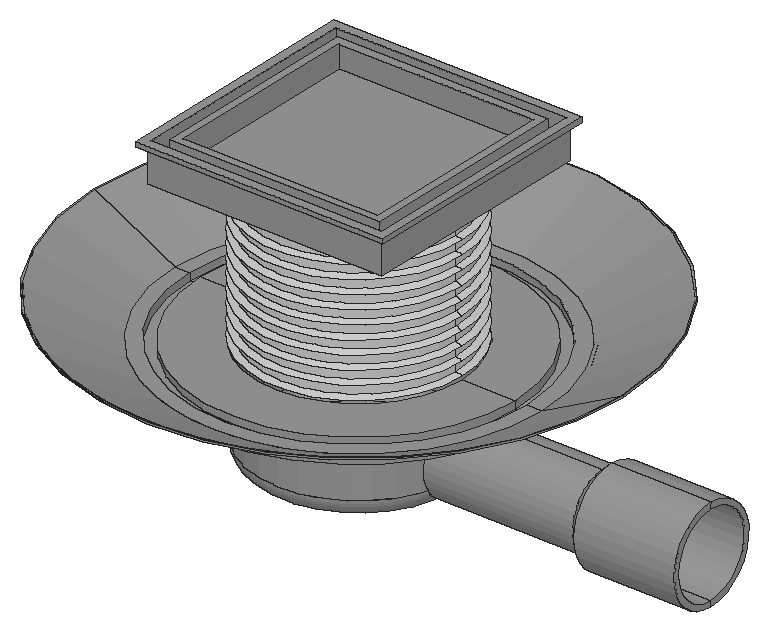
Revit family "HL_Трап для балконов и террас_HL90-3020", category Instalační zařizovací předměty, Revit 2020
Family settings
  Kóta kulaté spojky = Použít průměr
  Typ dílu = Normální
  Číslo OmniClass = 23.70.50.21.24.14
  Nadpis OmniClass = Deck Waste Water Drains
  Založené na pracovní rovině = Ne
  Vždy vertikální = Ano
  Ořezat dutým tvarem při načtení = Ne
  Sdílené = Ne
  Bod výpočtu místnosti = Ano
Parameters (values of type "HL_Трап для балконов и террас_HL9030-20")
  РЕШЁТКА = "Edelstahl 112 x 112 mm"
  РАЗМЕР = "DN40/50"
  ПРОПУСКНАЯ СПОСОБНОСТЬ [instance] = 0.0 L/s
  ПРОИЗВОДИТЕЛЬНОСТЬ = "0,56 l/s"
  ПРАВОВАЯ ИНФОРМАЦИЯ = "\"Авторские права(©), права на дизайн или какие либо другие права интелектуальной собственности являются исключительной собственностью компании HL Hutterer & Lechner. Изменению не подлежит. Файл семейства с данными о прозводителе изделия защищен паролем с водяным знаком.\""
  НОМИНАЛЬНЫЙ ДИАМЕТР [instance] = 50 mm
  НАСАДКА = "10 - 80 mm / 132 x 132 mm"
  МАТЕРИАЛ = "PP"
  МАКСИМАЛЬНАЯ НАГРУЗКА КЛАССА = "K3 -300kg"
  ВЫСОТА МОНТАЖА = "89mm"
  ВЕС = "0,76 kg"
  Výrobce = "HL Hutterer & Lechner GmbH"
  Výchozí výška = 0 mm
  URL = "http://www.hutterer-lechner.com/ru/products/catalog/roof-drains/HL90-3020.aspx"
  Материал плитка [instance] = none
  Přípoj ventilace = no
  Přípoj odpadních dílů = yes
  Přípoj HW = no
  Přípoj CW = no
  Popis = "Трап для балконов и террас"
  Model = "HL90-3020"
  Assembly Code = " "
  Komentáře k typům = "Трап для балконов и террас, с горизонтальным выпуском DN40/50, с надставным элементом 132х132/112х112 мм для вклеивания керамической плитки"
  Keynote = "HL90-3020"
  IH [instance] = Высота монтажа 1 + Высота монтажа 2  # 100 mm
  Высота монтажа 2 [instance] = 0 mm
  Высота монтажа 1 [instance] = 100 mm
  G [instance] = 90.00°  # constant formula
  EAN = "9003076034482"
  D [instance] = if(НОМИНАЛЬНЫЙ ДИАМЕТР = 50 mm, 188 mm, 130 mm)  # 188 mm
  C [instance] = if(IH - 68 mm < 0 mm, 0 mm, IH - 68 mm)  # 32 mm
  B [instance] = IH + 37 mm  # 137 mm
  A [instance] = if(B - 100 mm > 15 mm, B - 100 mm, 15 mm)  # 37 mm
Reference planes
  plane 1 "Center (Front/Back)": y = 0
  plane 2: z = 0
  plane 3 "Center (Left/Right)": x = 0
  plane 4: z = -137
  plane 5: z = -100
  plane 6: z = -100
Lines and regions (mm)
  model lines, style "InvisibleLines"
    curve 1: line (0, 0, 0) -> (0, 0, 20)
  model lines, style "PlumbingFixtures", detail levels coarse+medium
    curve 2: line (0, 0, -137) -> (0, 0, -100)
    curve 3: line (0, 0, -100) -> (-100, 0, 0)
    curve 4: line (0, 0, -100) -> (100, 0, 0)
    curve 6: line (0, 0, -137) -> (188, 0, -137)
  reference lines, not visible
    curve 5: line (0, 0, -137) -> (188, 0, -137)
  symbolic lines, style "PlumbingFixtures", detail levels coarse+medium
    curve 7: line (-75, 75, 0) -> (75, 75, 0)
    curve 8: line (-75, -75, 0) -> (-75, 75, 0)
    curve 9: line (75, -75, 0) -> (-75, -75, 0)
    curve 10: line (75, 75, 0) -> (75, -75, 0)
    curve 11: line (-75, 75, 0) -> (-145.711, 145.711, 0)
    curve 12: line (75, 75, 0) -> (145.711, 145.711, 0)
    curve 13: line (-75, -75, 0) -> (-145.711, -145.711, 0)
    curve 14: line (75, -75, 0) -> (145.711, -145.711, 0)
  symbolic lines, style "PlumbingFixtures", not visible, detail levels coarse+medium
    curve 15: line (-75, 75, 0) -> (75, 75, 0)
    curve 16: line (-75, -75, 0) -> (-75, 75, 0)
    curve 17: line (75, -75, 0) -> (-75, -75, 0)
    curve 18: line (75, 75, 0) -> (75, -75, 0)
    curve 19: line (-75, 75, 0) -> (-145.711, 145.711, 0)
    curve 20: line (75, 75, 0) -> (145.711, 145.711, 0)
    curve 21: line (-75, -75, 0) -> (-145.711, -145.711, 0)
    curve 22: line (75, -75, 0) -> (145.711, -145.711, 0)
Text (mm)
  text "FLOOR" at (-162.344, 0, -10.979), in view "вид строительства"
Dimensions and locks
  "B": plane 2 to plane 4
  "IH": plane 2 to plane 5
  "A": curve 4 to plane 4
  "D": curve 5 to curve 5
  "D": curve 6 to curve 6
  "Высота монтажа 1": plane 2 to plane 6
  locked: curve 4 to plane 3 "Center (Left/Right)" (angle 45.00°)
  locked: plane 3 "Center (Left/Right)" to curve 3 (angle 45.00°)
  "G": angle curve 5 to plane 3 "Center (Left/Right)"
  aligned and locked: level to plane 2
  aligned and locked: plane 2 to curve 4
  aligned and locked: plane 2 to curve 3
  aligned and locked: plane 4 to curve 5
  aligned and locked: plane 3 "Center (Left/Right)" to curve 5
  aligned and locked: plane 4 to curve 2
  aligned and locked: curve 6 to plane 3 "Center (Left/Right)"
  aligned and locked: curve 6 to plane 4
  aligned and locked: plane 3 "Center (Left/Right)" to nested 1
  aligned and locked: plane 2 to nested 2
  aligned and locked: plane 3 "Center (Left/Right)" to nested 2
  aligned and locked: nested 1 to plane 5
  aligned and locked: nested 2 to nested 3  (x2)
Automatic sketch dimensions
  curve 2 to plane 3 "Center (Left/Right)" = 0 mm
  curve 1 to plane 3 "Center (Left/Right)" = 0 mm
  curve 1 to level = 0 mm
  level to curve 1 = 20 mm
Nested families
  nested 1: "HL-Корпус для трапа внутренних помещений-HL90K-3020" at (0, 0, -78), NOMINAL DIAMETER <- "НОМИНАЛЬНЫЙ ДИАМЕТР", type "HL90K-3020_Main Component"
    with NOMINAL DIAMETER 50 mm, LC 0 mm
  nested 2: "HL-Насадка-HL3020" at (0, 0, 0), Высота монтажа <- "Высота монтажа 1", type "HL3020"
    with Высота монтажа 100 mm, RN 10, RL 65 mm, R yes, NL_Test yes, NL 100 mm
  nested 3: "HL-Песколовка-HL090.0E" at (0, 0, -19.079), type "HL-Песколовка-HL090.0E"
Connectors
  piping at (188, 0, -137), diameter 50, driven by "ПРОПУСКНАЯ СПОСОБНОСТЬ", driven by "НОМИНАЛЬНЫЙ ДИАМЕТР"
    settings: on curve 5, index 1, connector inside diameter 609.6 mm, connector length 0 mm, flow factor 0, pipe flow 0.0 L/s, pressure drop 0.0 Pa, fitting loss kfactor 0, connector angle 0.00°, fixture units 0, engagement length 0 mm, angle of deflection 0.00°, flow configuration 1, flow direction 2, fitting loss method 0, system type 16, joint type 0, gender type 0, connector reference index -1, connector utility 0, adjustable connector yes, is connector primary yes, connector description ""
Definition of nested family "HL-Корпус для трапа внутренних помещений-HL90K-3020"
  Parameters (values of type "HL90K-3020_Main Component")
    РАЗМЕР = "DN40/50"
    ПРОИЗВОДИТЕЛЬНОСТЬ = "0"
    ПРАВОВАЯ ИНФОРМАЦИЯ = "Авторские права(©), права на дизайн или какие либо другие права интелектуальной собственности являются исключительной собственностью компании HL Hutterer & Lechner. Изменению не подлежит. Файл семейства с данными о прозводителе изделия защищен паролем с водяным знаком."  # constant formula
    МАТЕРИАЛ = "PP"
    ВЫСОТА МОНТАЖА = "79 mm"
    ВЕС = "0,414 kg"
    Waste Connection = yes
    Default Elevation = 0 mm
    Vent Connection = no
    Manufacturer = "HL Hutterer & Lechner GmbH"  # constant formula
    URL = "http://www.hutterer-lechner.com/en/Products/catalog/floor-drains/attachments/HL90k-3020.aspx"
    NOMINAL DIAMETER [instance] = 50 mm
    LC [instance] = if(NOMINAL DIAMETER = 40 mm, 58 mm, if(NOMINAL DIAMETER = 50 mm, 0 mm, -2 mm))  # 0 mm
    Assembly Code = "Main Component"
    Keynote = "HL90K-3020"
    HW Connection = no
    Description = "Трапы для внутренних помещений - Комплектующие"
    Model = "HL90K-3020"
    Type Comments = "Корпус трапа для балконов и террас с горизонтальным выпуском DN40/50 для серии 3020, с глубокой монтажной заглушкой"
    EAN = "9003076034314"
    CW Connection = no
  Reference planes
    plane 1 "Center (Front/Back)": y = 0
    plane 2: z = 0
    plane 3 "Center (Left/Right)": x = 0
    plane 4 "Ball Joint Vertical": x = 25.45
  Forms (mm)
    Revolve 1, solid, detail levels fine
      sketch origin (0, 0, 0) x (1, 0, 0) y (0, 0, 1)
        loop
          line (-51, -69) -> (-51, -42) -> (-55.35, -42) -> (-55.35, -22) -> (-84, -22) -> (-84, -26) -> (-90, -26) -> (-90, -22) -> (-97.986, -22) -> (-140.394, 0) -> (-142.408, 0) -> (-100, -22) -> (-100, -26) -> (-93, -26) -> (-93, -29) -> (-58.5, -29) -> (-58.5, -46.5) -> (-54, -46.5) -> (-54, -69)
          arc (-54, -69) -> (-50.792, -76.352) -> (-43.221, -79) r 10.028
          line (-43.221, -79) -> (0, -79) -> (0, -76) -> (-44, -76)
          arc (-44, -76) -> (-48.95, -73.95) -> (-51, -69) r 7
        axis (0, 0) -> (0, -79)
      angle from 0 to 360
    Revolve 2, void
      sketch origin (0, 0, 0) x (1, 0, 0) y (0, 0, 1)
        loop
          line (-141, -1.099) -> (-141, 0.861) -> (-143.007, 0.861) -> (-143.007, -1.099) -> (-141, -1.099)
        axis (0, 0.861) -> (0, -1.099)
      angle from 0 to 360
    Revolve 3, solid, detail levels fine
      sketch origin (0, 0, 0) x (1, 0, 0) y (0, 0, 1)
        loop
          line (40.568, -79) -> (130, -79) -> (135, -84) -> (188, -84) -> (188, -81) -> (136.243, -81) -> (131.243, -76) -> (40.568, -76) -> (40.568, -79)
        axis (188, -59.059) -> (40.568, -59.059)
      angle from 0 to 360
    Revolve 4, void
      sketch origin (0, 0, 0) x (1, 0, 0) y (0, 0, 1)
        loop
          line (51, -68.972) -> (51, -69.773) -> (55.35, -69.773) -> (55.35, -21.972) -> (45.35, -21.972) -> (45.35, -22.68) -> (41, -22.68) -> (41, -65.972) -> (0, -65.972) -> (0, -75.972) -> (44, -75.972)
          arc (44, -75.972) -> (48.95, -73.922) -> (51, -68.972) r 7
        axis (0, -21.972) -> (0, -75.972)
      angle from -37.396 to 53.719
    Revolve 5, void
      sketch origin (0, 0, 0) x (1, 0, 0) y (0, 0, 1)
        loop
          line (55.35, -22) -> (20.35, -22) -> (20.35, -76) -> (44, -76)
          arc (44, -76) -> (48.95, -73.95) -> (51, -69) r 7
          line (51, -69) -> (51, -46.5) -> (55.35, -46.5) -> (55.35, -22)
        axis (0, -22) -> (0, -76)
      angle from 0 to 360
    Extrusion 6, void
      sketch origin (188, 0, -59.059) x (0, 0, 1) y (0, 1, 0)
        loop
          circle (0, 0) r 24.941
      from -2 to 0 <- "LC"
  Cuts and joins
    Revolve 2 cuts Revolve 1
    Revolve 5, Extrusion 6 cuts Revolve 3
  Lines and regions (mm)
    model lines, detail levels fine
      curve 1: line (-10, 8.425, -75.6) -> (-18, 8.425, -75.6)
      curve 2: line (-19, 7.425, -75.6) -> (-19, 3.675, -75.6)
      curve 3: line (-18, 2.675, -75.6) -> (-14.325, 2.675, -75.6)
      curve 4: line (-13.325, 3.675, -75.6) -> (-13.325, 5.925, -75.6)
      curve 5: arc (-12.575, 6.675, -75.6) -> (-13.105, 6.455, -75.6) -> (-13.325, 5.925, -75.6) r 0.75
      curve 6: line (-12.575, 6.675, -75.6) -> (-11.5, 6.675, -75.6)
      curve 7: line (-10.75, 5.925, -75.6) -> (-10.75, 3.425, -75.6)
      curve 8: arc (-10.75, 3.425, -75.6) -> (-10.53, 2.895, -75.6) -> (-10, 2.675, -75.6) r 0.75
      curve 9: arc (-9.75, 2.675, -75.6) -> (-9.22, 2.895, -75.6) -> (-9, 3.425, -75.6) r 0.75
      curve 10: line (-9, 3.425, -75.6) -> (-9, 7.425, -75.6)
      curve 11: arc (-10.75, 5.925, -75.6) -> (-10.97, 6.455, -75.6) -> (-11.5, 6.675, -75.6) r 0.75
      curve 12: arc (-14.325, 2.675, -75.6) -> (-13.618, 2.968, -75.6) -> (-13.325, 3.675, -75.6) r 1
      curve 13: arc (-19, 3.675, -75.6) -> (-18.707, 2.968, -75.6) -> (-18, 2.675, -75.6) r 1
      curve 14: arc (-17.25, 5.175, -75.6) -> (-17.03, 4.645, -75.6) -> (-16.5, 4.425, -75.6) r 0.75
      curve 15: arc (-16.5, 6.675, -75.6) -> (-17.03, 6.455, -75.6) -> (-17.25, 5.925, -75.6) r 0.75
      curve 16: arc (-15.075, 5.925, -75.6) -> (-15.295, 6.455, -75.6) -> (-15.825, 6.675, -75.6) r 0.75
      curve 17: arc (-15.825, 4.425, -75.6) -> (-15.295, 4.645, -75.6) -> (-15.075, 5.175, -75.6) r 0.75
      curve 18: arc (-18, 8.425, -75.6) -> (-18.707, 8.132, -75.6) -> (-19, 7.425, -75.6) r 1
      curve 19: arc (-9, 7.425, -75.6) -> (-9.293, 8.132, -75.6) -> (-10, 8.425, -75.6) r 1
      curve 20: line (-16.5, 6.675, -75.6) -> (-15.825, 6.675, -75.6)
      curve 21: line (-15.075, 5.925, -75.6) -> (-15.075, 5.175, -75.6)
      curve 22: line (-15.825, 4.425, -75.6) -> (-16.5, 4.425, -75.6)
      curve 23: line (-17.25, 5.175, -75.6) -> (-17.25, 5.925, -75.6)
      curve 24: line (-10, 2.675, -75.6) -> (-9.75, 2.675, -75.6)
      curve 25: line (-11.5, 16.225, -75.6) -> (-16.5, 16.225, -75.6)
      curve 26: line (-16.5, 14.475, -75.6) -> (-11.5, 14.475, -75.6)
      curve 27: line (-11.5, 11.975, -75.6) -> (-16.5, 11.975, -75.6)
      curve 28: arc (-16.5, 14.475, -75.6) -> (-17.03, 14.255, -75.6) -> (-17.25, 13.725, -75.6) r 0.75
      curve 29: line (-17.25, 12.725, -75.6) -> (-17.25, 13.725, -75.6)
      curve 30: arc (-17.25, 12.725, -75.6) -> (-17.03, 12.195, -75.6) -> (-16.5, 11.975, -75.6) r 0.75
      curve 31: arc (-11.5, 11.975, -75.6) -> (-10.97, 12.195, -75.6) -> (-10.75, 12.725, -75.6) r 0.75
      curve 32: line (-10.75, 13.725, -75.6) -> (-10.75, 12.725, -75.6)
      curve 33: arc (-10.75, 13.725, -75.6) -> (-10.97, 14.255, -75.6) -> (-11.5, 14.475, -75.6) r 0.75
      curve 34: arc (-9, 13.725, -75.6) -> (-9.732, 15.493, -75.6) -> (-11.5, 16.225, -75.6) r 2.5
      curve 35: line (-9, 12.725, -75.6) -> (-9, 13.725, -75.6)
      curve 36: arc (-11.5, 10.225, -75.6) -> (-9.732, 10.957, -75.6) -> (-9, 12.725, -75.6) r 2.5
      curve 37: line (-16.5, 10.225, -75.6) -> (-11.5, 10.225, -75.6)
      curve 38: arc (-19, 12.725, -75.6) -> (-18.268, 10.957, -75.6) -> (-16.5, 10.225, -75.6) r 2.5
      curve 39: arc (-16.5, 16.225, -75.6) -> (-18.268, 15.493, -75.6) -> (-19, 13.725, -75.6) r 2.5
      curve 40: line (-19, 13.725, -75.6) -> (-19, 12.725, -75.6)
      curve 41: line (-18.25, -16.225, -75.6) -> (-9.75, -16.225, -75.6)
      curve 42: line (-15.625, -14.475, -75.6) -> (-18.25, -14.475, -75.6)
      curve 43: line (-9.75, -14.475, -75.6) -> (-12.375, -14.475, -75.6)
      curve 44: arc (-9, -15.225, -75.6) -> (-9.22, -14.695, -75.6) -> (-9.75, -14.475, -75.6) r 0.75
      curve 45: arc (-9.75, -16.225, -75.6) -> (-9.22, -16.005, -75.6) -> (-9, -15.475, -75.6) r 0.75
      curve 46: arc (-19, -15.475, -75.6) -> (-18.78, -16.005, -75.6) -> (-18.25, -16.225, -75.6) r 0.75
      curve 47: arc (-18.25, -14.475, -75.6) -> (-18.78, -14.695, -75.6) -> (-19, -15.225, -75.6) r 0.75
      curve 48: arc (-15.625, -14.475, -75.6) -> (-15.095, -14.255, -75.6) -> (-14.875, -13.725, -75.6) r 0.75
      curve 49: arc (-13.125, -13.725, -75.6) -> (-12.905, -14.255, -75.6) -> (-12.375, -14.475, -75.6) r 0.75
      curve 50: line (-13.125, -13.725, -75.6) -> (-13.125, -10.725, -75.6)
      curve 51: line (-14.875, -10.725, -75.6) -> (-14.875, -13.725, -75.6)
      curve 52: arc (-14.875, -10.725, -75.6) -> (-15.095, -10.195, -75.6) -> (-15.625, -9.975, -75.6) r 0.75
      curve 53: line (-18.25, -9.975, -75.6) -> (-15.625, -9.975, -75.6)
      curve 54: arc (-12.375, -9.975, -75.6) -> (-12.905, -10.195, -75.6) -> (-13.125, -10.725, -75.6) r 0.75
      curve 55: line (-12.375, -9.975, -75.6) -> (-9.75, -9.975, -75.6)
      curve 56: arc (-9.75, -9.975, -75.6) -> (-9.22, -9.755, -75.6) -> (-9, -9.225, -75.6) r 0.75
      curve 57: arc (-9, -8.975, -75.6) -> (-9.22, -8.445, -75.6) -> (-9.75, -8.225, -75.6) r 0.75
      curve 58: line (-9.75, -8.225, -75.6) -> (-18.25, -8.225, -75.6)
      curve 59: arc (-18.25, -8.225, -75.6) -> (-18.78, -8.445, -75.6) -> (-19, -8.975, -75.6) r 0.75
      curve 60: arc (-19, -9.225, -75.6) -> (-18.78, -9.755, -75.6) -> (-18.25, -9.975, -75.6) r 0.75
      curve 61: arc (-19, -5.675, -75.6) -> (-18.78, -6.205, -75.6) -> (-18.25, -6.425, -75.6) r 0.75
      curve 62: arc (-18.25, -4.675, -75.6) -> (-18.78, -4.895, -75.6) -> (-19, -5.425, -75.6) r 0.75
      curve 63: line (-11.5, -4.675, -75.6) -> (-18.25, -4.675, -75.6)
      curve 64: arc (-11.5, -4.675, -75.6) -> (-10.97, -4.455, -75.6) -> (-10.75, -3.925, -75.6) r 0.75
      curve 65: line (-10.75, -0.675, -75.6) -> (-10.75, -3.925, -75.6)
      curve 66: arc (-10, 0.075, -75.6) -> (-10.53, -0.145, -75.6) -> (-10.75, -0.675, -75.6) r 0.75
      curve 67: arc (-9, -0.675, -75.6) -> (-9.22, -0.145, -75.6) -> (-9.75, 0.075, -75.6) r 0.75
      curve 68: line (-9, -5.675, -75.6) -> (-9, -0.675, -75.6)
      curve 69: arc (-9.75, -6.425, -75.6) -> (-9.22, -6.205, -75.6) -> (-9, -5.675, -75.6) r 0.75
      curve 70: line (-18.25, -6.425, -75.6) -> (-9.75, -6.425, -75.6)
      curve 71: line (-19, -5.675, -75.6) -> (-19, -5.425, -75.6)
      curve 72: line (-9.75, 0.075, -75.6) -> (-10, 0.075, -75.6)
      curve 73: line (-9, -8.975, -75.6) -> (-9, -9.225, -75.6)
      curve 74: line (-9, -15.225, -75.6) -> (-9, -15.475, -75.6)
      curve 75: line (-19, -15.475, -75.6) -> (-19, -15.225, -75.6)
      curve 76: line (-19, -9.225, -75.6) -> (-19, -8.975, -75.6)
  Text (mm)
    text "ROOF/FLOOR" at (-198.233, 0, -26.556), in view "Drain Construction View"
  Dimensions and locks
    locked: plane 4 "Ball Joint Vertical" to plane 3 "Center (Left/Right)" at 25.45
    aligned and locked: level to plane 2
Definition of nested family "HL-Насадка-HL3020"
  Parameters (values of type "HL3020")
    РЕШЁТКА = "112 x 112 mm / ABS-V4A"
    РАЗМЕР = "d 110 mm"
    ПРАВОВАЯ ИНФОРМАЦИЯ = "Авторские права(©), права на дизайн или какие либо другие права интелектуальной собственности являются исключительной собственностью компании HL Hutterer & Lechner. Изменению не подлежит. Файл семейства с данными о прозводителе изделия защищен паролем с водяным знаком."  # constant formula
    НАСАДКА = "132 x 132 mm / PP-V4A"
    МАКСИМАЛЬНАЯ НАГРУЗКА КЛАССА = "K3 - 300 kg"
    Высота монтажа [instance] = 100 mm
    ВЫСОТА МОНТАЖА = "30 - 100 mm (10-80 mm)"
    ВЕС = "0,32 [kg]"
    Waste Connection = yes
    Default Elevation = 0 mm
    Vent Connection = no
    RD = 6.5 mm  # constant formula
    R [instance] = ((Высота монтажа - NL_Min) / RD - 1) > 2  # yes
    RL [instance] = RD * RN  # 65 mm
    NL_Test [instance] = and(or(Высота монтажа < NL_Max, Высота монтажа = NL_Max), or(Высота монтажа > NL_Min, Высота монтажа = NL_Min))  # yes
    NL_Min = 30 mm
    NL_Max = 100 mm
    NL [instance] = if(NL_Test, Высота монтажа, 0 mm)  # 100 mm
    RN [instance] = if((Высота монтажа - NL_Min) / RD - 1 < 2, 2, (Высота монтажа - NL_Min) / RD - 1)  # 10
    Manufacturer = "HL Hutterer & Lechner GmbH"  # constant formula
    URL = "http://www.hutterer-lechner.com/ru/products/catalog/floor-drains/attachments/HL3020.aspx"
    HW Connection = no
    Description = "Трапы для внутренних помещений - Комплектующие"
    Model = "HL3020"
    Type Comments = "HL3020 Надставной элемент ?110 мм с подрамником из нержавеющей стали 132х132 мм и вкладышем 112х112 мм для вклеивания керамической плитки"
    Keynote = "HL3020"
    EAN = "9003076034253"
    CW Connection = no
  Reference planes
    plane 1 "Center (Front/Back)": y = 0
    plane 2: z = 0
    plane 3 "Center (Left/Right)": x = 0
    plane 4 "Ball Joint Vertical": x = 25.45
    plane 5: z = -100
  Forms (mm)
    Sweep 1, solid, detail levels fine
      path origin (0, 0, 0) x (1, 0, 0) y (0, 1, 0)
        loop
          line (-66, 66) -> (-66, -66) -> (66, -66) -> (66, 66) -> (-66, 66)
      profile origin (0, 66, 0) x (0, 1, 0) y (0, 0, 1)
        loop
          line (0, 0) -> (-4.35, 0) -> (-4.35, -20.7) -> (-3.55, -20.7) -> (-3.55, -2.5) -> (0, -2.5) -> (0, 0)
        loop
          line (-10, 0) -> (-14, 0) -> (-14, -14) -> (-10, -14) -> (-10, 0)
    Extrusion 2, solid, detail levels fine
      sketch origin (0, 0, 0) x (1, 0, 0) y (0, 1, 0)
        loop
          line (-56, 56) -> (-56, -56) -> (56, -56) -> (56, 56) -> (-56, 56)
      from -12 to -14
    Extrusion 3, solid, detail levels fine
      sketch origin (0, 0, 0) x (1, 0, 0) y (0, 1, 0)
        loop
          line (-61.75, 61.75) -> (-61.75, -61.75) -> (61.75, -61.75) -> (61.75, 61.75) -> (-61.75, 61.75)
      from -20.7 to -19.079
    Revolve 4, solid, detail levels fine
      sketch origin (0, 0, 0) x (1, 0, 0) y (0, 0, 1)
        loop
          line (52, -100) -> (52, -20.7) -> (50.2, -20.7) -> (50.2, -100) -> (52, -100)
        axis (0, -20.7) -> (0, -100)
      angle from 0 to 360
  Lines and regions (mm)
    symbolic lines
      curve 1: line (0, 0, -100) -> (0, 0, 0)
  Text (mm)
    text "ROOF/FLOOR" at (-198.233, 0, -26.556), in view "Drain Construction View"
  Dimensions and locks
    locked: plane 4 "Ball Joint Vertical" to plane 3 "Center (Left/Right)" at 25.45
    "NL": plane 2 to plane 5
    equal spacing: group 1, group 3, group 4, group 5, group 6, group 7, group 8, group 9, group 10, group 2  (x3)
    "RL": nested 2 to nested 1
    locked: nested 1 to plane 5 at 1.516
    aligned and locked: level to plane 2
    aligned and locked: plane 3 "Center (Left/Right)" to nested 1
    aligned and locked: plane 1 "Center (Front/Back)" to nested 1
    aligned and locked: plane 2 to curve 1
    aligned and locked: plane 5 to curve 1
    aligned and locked: Sweep 1 to Revolve 4 sketch curve
    aligned and locked: plane 5 to Revolve 4 sketch curve
  Automatic sketch dimensions
    curve 1 to plane 4 "Ball Joint Vertical" = 25.45 mm
    Sweep 1 sketch curve to plane 3 "Center (Left/Right)" = 66 mm
    plane 4 "Ball Joint Vertical" to Sweep 1 sketch curve = 40.55 mm
    plane 1 "Center (Front/Back)" to Sweep 1 sketch curve = 66 mm
    Sweep 1 sketch curve to plane 1 "Center (Front/Back)" = 66 mm
    Sweep 1 sketch curve to profile plane = 0 mm  (x3)
    profile plane to Sweep 1 sketch curve = 3.55 mm
    Sweep 1 sketch curve to Sweep 1 sketch curve = 0.8 mm
    Sweep 1 sketch curve to Sweep 1 sketch curve = 5.65 mm
    Sweep 1 sketch curve to Sweep 1 sketch curve = 4 mm
    Sweep 1 sketch curve to profile plane = 2.5 mm
    Sweep 1 sketch curve to Sweep 1 sketch curve = 11.5 mm
    Sweep 1 sketch curve to Sweep 1 sketch curve = 6.7 mm
    Extrusion 2 sketch curve to plane 3 "Center (Left/Right)" = 56 mm
    plane 4 "Ball Joint Vertical" to Extrusion 2 sketch curve = 30.55 mm
    plane 1 "Center (Front/Back)" to Extrusion 2 sketch curve = 56 mm
    Extrusion 2 sketch curve to plane 1 "Center (Front/Back)" = 56 mm
    Extrusion 3 sketch curve to plane 3 "Center (Left/Right)" = 61.75 mm
    plane 4 "Ball Joint Vertical" to Extrusion 3 sketch curve = 36.3 mm
    plane 1 "Center (Front/Back)" to Extrusion 3 sketch curve = 61.75 mm
    Extrusion 3 sketch curve to plane 1 "Center (Front/Back)" = 61.75 mm
    Revolve 4 sketch curve to plane 3 "Center (Left/Right)" = 0 mm
    plane 4 "Ball Joint Vertical" to Revolve 4 sketch curve = 24.75 mm
    Revolve 4 sketch curve to Revolve 4 sketch curve = 1.8 mm
    Revolve 4 sketch curve to level = 22.222 mm
    level to Revolve 4 sketch curve = 10 mm
  Nested families
    nested 1: "Ring" at (0, 0, -98.484), visible <- "R", type "Ring"
    nested 2: "Ring" at (0, 0, -33.484), visible <- "R", type "Ring"
    nested 3: "Ring" at (0, 0, -91.262), visible <- "R", type "Ring"
    nested 4: "Ring" at (0, 0, -84.039), visible <- "R", type "Ring"
    nested 5: "Ring" at (0, 0, -76.817), visible <- "R", type "Ring"
    nested 6: "Ring" at (0, 0, -69.595), visible <- "R", type "Ring"
    nested 7: "Ring" at (0, 0, -62.373), visible <- "R", type "Ring"
    nested 8: "Ring" at (0, 0, -55.151), visible <- "R", type "Ring"
    nested 9: "Ring" at (0, 0, -47.928), visible <- "R", type "Ring"
    nested 10: "Ring" at (0, 0, -40.706), visible <- "R", type "Ring"
  Definition of nested family "Ring"
    Parameters (values of type "Ring")
      Manufacturer = ""
      Default Elevation = 0 mm
      URL = ""
      R = D / 2  # 51.5 mm
      Description = ""
      Model = ""
      Material = none
      Type Comments = ""
      D = 103 mm
      Cost = 0
    Reference planes
      plane 1 "Střed (vpředu/vzadu)": y = 0
      plane 2: z = 0
      plane 3 "Střed (vlevo/vpravo)": x = 0
    Forms (mm)
      Revolve 1, solid, material <- "Material", detail levels fine
        sketch origin (0, 0, 0) x (1, 0, 0) y (0, 0, 1)
          loop
            line (-51.5, 1.482) -> (-54.764, 0) -> (-51.5, -1.516) -> (-51.5, 1.482)
          axis (0, 1.482) -> (0, -1.516)
        angle from 0 to 360
    Dimensions and locks
      "R": Revolve 1 sketch curve to plane 3 "Střed (vlevo/vpravo)"
      aligned and locked: level to plane 2
      aligned and locked: Revolve 1 sketch curve to plane 3 "Střed (vlevo/vpravo)"
    Automatic sketch dimensions
      Revolve 1 sketch curve to level = 0 mm
      Revolve 1 sketch curve to Revolve 1 sketch curve = 3.264 mm
      Revolve 1 sketch curve to level = 1.516 mm
      level to Revolve 1 sketch curve = 1.482 mm
      Revolve 1 sketch curve to level = 381 mm
      Revolve 1 sketch curve to Revolve 1 sketch curve = 2212.833 mm
Definition of nested family "HL-Песколовка-HL090.0E"
  Parameters (values of type "HL-Песколовка-HL090.0E")
    ПРАВОВАЯ ИНФОРМАЦИЯ = "\"Авторские права(©), права на дизайн или какие либо другие права интелектуальной собственности являются исключительной собственностью компании HL Hutterer & Lechner. Изменению не подлежит. Файл семейства с данными о прозводителе изделия защищен паролем с водяным знаком.\""
    МАТЕРИАЛ = "PP"
    ВЕС = "0,016 kg"
    Manufacturer = "HL Hutterer & Lechner GmbH"
    Default Elevation = 0 mm
    URL = "http://www.hutterer-lechner.com/ru/products/catalog/roof-drains/HL090.0E.aspx"
    Description = "Песколовка"
    Model = "HL090.0E"
    Материал = none
    Type Comments = "Песколовка (HL90)"
    Keynote = "HL090.0E"
    Высота монтажа [instance] = 0 mm
    EAN = "9003076015542"
    Cost = 0
  Reference planes
    plane 1 "Střed (vpředu/vzadu)": y = 0
    plane 2: z = 0
    plane 3 "Střed (vlevo/vpravo)": x = 0
  Forms (mm)
    Extrusion 1, solid, material <- "Материал", detail levels fine
      sketch origin (0, 0, 0) x (1, 0, 0) y (0, 1, 0)
        loop
          circle (0, 0) r 49.7
        loop
          circle (0, 0) r 46.965
      from 0 to -32
    Extrusion 2, solid, material <- "Материал", detail levels fine
      sketch origin (0, 0, 0) x (1, 0, 0) y (0, 1, 0)
        loop
          circle (0, 0) r 47.908
      from -32 to -30
    Extrusion 3, solid, material <- "Материал", detail levels fine
      sketch origin (0, 0, 0) x (1, 0, 0) y (0, 1, 0)
        loop
          arc (-10, 45.888) -> (0, 46.965) -> (10, 45.888) r 46.965
          line (10, 45.888) -> (10, 47.864)
          arc (10, 47.864) -> (8.715, 51.212) -> (5.519, 52.84) r 5.004
          arc (5.519, 52.84) -> (2.763, 53.057) -> (0, 53.129) r 52.802
          arc (0, 53.129) -> (-2.763, 53.057) -> (-5.519, 52.84) r 52.802
          arc (-5.519, 52.84) -> (-8.715, 51.212) -> (-10, 47.864) r 5.004
          line (-10, 47.864) -> (-10, 45.888)
      from 0 to -2
    Extrusion 4, solid, material <- "Материал", detail levels fine
      sketch origin (0, 0, 0) x (0, -1, 0) y (1, 0, 0)
        loop
          line (-10, -45.888) -> (-10, -47.864)
          arc (-10, -47.864) -> (-8.715, -51.212) -> (-5.519, -52.84) r 5.004
          arc (-5.519, -52.84) -> (-2.763, -53.057) -> (0, -53.129) r 52.802
          arc (0, -53.129) -> (2.763, -53.057) -> (5.519, -52.84) r 52.802
          arc (5.519, -52.84) -> (8.715, -51.212) -> (10, -47.864) r 5.004
          line (10, -47.864) -> (10, -45.888)
          arc (10, -45.888) -> (0, -46.965) -> (-10, -45.888) r 46.965
      from 0 to -2
    Extrusion 5, solid, material <- "Материал", detail levels fine
      sketch origin (0, 0, 0) x (0, -1, 0) y (1, 0, 0)
        loop
          arc (-10, 45.888) -> (0, 46.965) -> (10, 45.888) r 46.965
          line (10, 45.888) -> (10, 47.864)
          arc (10, 47.864) -> (8.715, 51.212) -> (5.519, 52.84) r 5.004
          arc (5.519, 52.84) -> (2.763, 53.057) -> (0, 53.129) r 52.802
          arc (0, 53.129) -> (-2.763, 53.057) -> (-5.519, 52.84) r 52.802
          arc (-5.519, 52.84) -> (-8.715, 51.212) -> (-10, 47.864) r 5.004
          line (-10, 47.864) -> (-10, 45.888)
      from 0 to -2
    Extrusion 6, solid, material <- "Материал", detail levels fine
      sketch origin (0, 0, 0) x (1, 0, 0) y (0, 1, 0)
        loop
          line (-10, -45.888) -> (-10, -47.864)
          arc (-10, -47.864) -> (-8.715, -51.212) -> (-5.519, -52.84) r 5.004
          arc (-5.519, -52.84) -> (-2.763, -53.057) -> (0, -53.129) r 52.802
          arc (0, -53.129) -> (2.763, -53.057) -> (5.519, -52.84) r 52.802
          arc (5.519, -52.84) -> (8.715, -51.212) -> (10, -47.864) r 5.004
          line (10, -47.864) -> (10, -45.888)
          arc (10, -45.888) -> (0, -46.965) -> (-10, -45.888) r 46.965
      from 0 to -2
    Extrusion 7, solid, material <- "Материал", detail levels fine
      sketch origin (0, 0, 0) x (1, 0, 0) y (0, 0, 1)
        loop
          line (-14.091, -30) -> (14, -30) -> (7.496, -19.038) -> (-7.504, -19.038) -> (-14.091, -30)
      from -0.969 to 1.035
  Cuts and joins
    joined: Extrusion 1, Extrusion 2, Extrusion 3, Extrusion 4, Extrusion 5, Extrusion 6, Extrusion 7
  Dimensions and locks
    aligned and locked: level to plane 2
